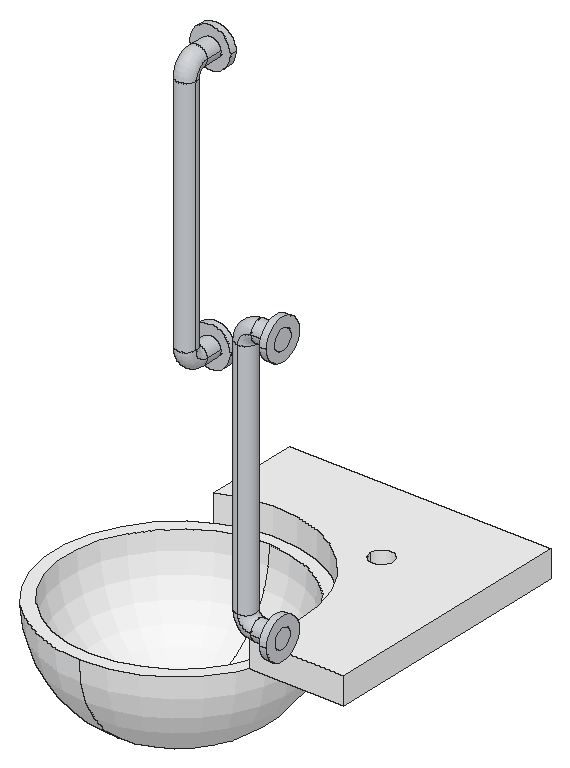
Revit family "LAVATÓRIO CANTO PCD", category Plumbing Fixtures, Revit 2017
Family settings
  Round Connector Dimension = Use Diameter
  Part Type = Normal
  OmniClass Number = 23.40.20.14.17
  OmniClass Title = Residential Tables and Cabinets
  Work Plane-Based = No
  Always vertical = Yes
  Cut with Voids When Loaded = No
  Shared = Yes
  Room Calculation Point = No
Parameters
  Versão família = "01"  # constant formula
  Data Versão Família = "XX/XX/XXXX"  # constant formula
Reference planes (cm)
  plane 1: y = 15.24
  plane 2: z = 0
  plane 3 "Left": x = 0.3734
Forms (cm)
  Extrusion 1, solid, material "BRANCO"
    sketch origin (-24.3766, 15.24, 75.9975) x (0, -1, 0) y (1, 0, 0)
      loop
        line (0, 24.75) -> (0, -14.25) -> (14.094, -14.25)
        arc (14.094, -14.25) -> (17.4679, 6.8606) -> (38.5, 10.6935) r 18.5
        line (38.5, 10.6935) -> (38.5, 24.75) -> (0, 24.75)
      loop
        circle (13.861, 10.6506) r 1.75
    from 0 to 4.0025
  Sweep 2, solid, material "BRANCO"
    path origin (-115.928, 17.49, 75.9975) x (0, 1, 0) y (-1, 0, 0)
      loop
        arc (-52.1228, -85.4323) -> (-32.9919, -104.5632) -> (-13.861, -85.4323) r 19.1309
    profile origin (-11.3648, -15.5019, 75.9975) x (-1, 0, 0) y (0, 0, 1)
      loop
        line (16.957, -16.3937) -> (16.957, -14.3937)
        arc (16.957, -14.3937) -> (6.4717, -10.4364) -> (2.382, -0.002) r 13.7985
        line (2.382, -0.002) -> (0.5633, -0.002)
        arc (0.5633, -0.002) -> (5.3656, -11.5928) -> (16.957, -16.3937) r 16.3937
  Sweep 3, solid, material "BRANCO"
    path origin (54.9366, 17.49, 75.9975) x (0, -1, 0) y (1, 0, 0)
      loop
        arc (52.1228, -85.4323) -> (32.9919, -104.5632) -> (13.861, -85.4323) r 19.1309
    profile origin (-49.6266, -15.5019, 75.9975) x (-1, 0, 0) y (0, 0, 1)
      loop
        arc (-16.957, -16.3937) -> (-5.3656, -11.5928) -> (-0.5633, -0.002) r 16.3937
        line (-0.5633, -0.002) -> (-2.382, -0.002)
        arc (-2.382, -0.002) -> (-6.4717, -10.4364) -> (-16.957, -14.3937) r 13.7985
        line (-16.957, -14.3937) -> (-16.957, -16.3937)
Cuts and joins
  joined: Sweep 2, Sweep 3
Dimensions and locks (cm)
  aligned and locked: plane 2 to level
Nested families (cm)
  nested 1: "BARRA_VERTICAL_LAVAT" at (-49.6266, 15.24, 0), type "50cm"
    with DISTÂNCIA DA PAREDE 5.50 cm, ALTURA DO PISO 90.00 cm, ALTURA 40.00 cm
  nested 2: "BARRA_VERTICAL_LAVAT" at (0.3734, -34.76, 0) x (0, -1, 0) z (0, 0, 1), type "50cm"
    with DISTÂNCIA DA PAREDE 5.50 cm, ALTURA DO PISO 90.00 cm, ALTURA 40.00 cm
Definition of nested family "BARRA_VERTICAL_LAVAT"
  Parameters (values of type "50cm")
    Versão família = "02"  # constant formula
    RAIO = 3.00 cm
    DIÂMETRO = 6.00 cm
    DISTÂNCIA DA PAREDE [instance] = 5.50 cm
    ALTURA DO PISO [instance] = 100.00 cm
    Data Versão Família = "11/05/2018"  # constant formula
    ALTURA [instance] = 50.00 cm
  Reference planes (cm)
    plane 1 "Center (Front/Back)": y = 0
    plane 2: z = 0
    plane 3 "Center (Left/Right)": x = 0
    plane 4: z = 153
    plane 5: z = 147
    plane 6: z = 97
    plane 7: z = 103
    plane 8: z = 150
    plane 9: z = 100
  Forms (cm)
    Extrusion 1, solid
      sketch origin (0, 0, 166) x (1, 0, 0) y (0, 0, 1)
        loop
          circle (0, -16) r 1.5
        loop
          circle (0, -16) r 3
      from 0 to 1
    Sweep 2, solid
      path origin (0, 0, 166) x (0, 1, 0) y (0, 0, 1)
        loop
          line (0, -16) -> (-3.5, -16)
          arc (-3.5, -16) -> (-4.9142, -16.5858) -> (-5.5, -18) r 2
          line (-5.5, -18) -> (-5.5, -64)
          arc (-5.5, -64) -> (-4.9142, -65.4142) -> (-3.5, -66) r 2
          line (-3.5, -66) -> (0, -66)
      profile origin (0, -1.75, 150) x (0, 0, -1) y (1, 0, 0)
        loop
          circle (0, 0) r 1.5
    Extrusion 3, solid
      sketch origin (0, 0, 166) x (1, 0, 0) y (0, 0, 1)
        loop
          circle (0, -66) r 1.5
        loop
          circle (0, -66) r 3
      from 0 to 1
  Lines and regions (cm)
    reference lines
      curve 1: line (1.5, 0, 291.9011) -> (1.5, 0, 81.9)
      curve 2: line (-1.5, 0, 81.9) -> (-1.5, 0, 291.9011)
  Dimensions and locks (cm)
    "ALTURA": plane 8 to plane 9
    "RAIO": plane 4 to plane 8
    "RAIO": plane 8 to plane 5
    "RAIO": plane 7 to plane 9
    "RAIO": plane 9 to plane 6
    "ALTURA DO PISO": level to plane 9
    "DISTÂNCIA DA PAREDE": curve 2 to Sweep 2 sketch curve
    aligned and locked: level to plane 2
  Automatic sketch dimensions
    curve 2 to plane 3 "Center (Left/Right)" = 1.50 cm
    plane 3 "Center (Left/Right)" to curve 1 = 1.50 cm
    plane 6 to curve 1 = 15.10 cm
    curve 2 to curve 1 = 0.00 cm
    plane 4 to curve 2 = 138.9011 cm
    curve 1 to curve 2 = 0.00 cm
    Extrusion 1 sketch curve to Extrusion 1 sketch curve = 0.00 cm  (x2)
    Extrusion 1 sketch curve to plane 3 "Center (Left/Right)" = 0.00 cm
    Extrusion 1 sketch curve to plane 8 = 0.00 cm
    Sweep 2 sketch curve to Sweep 2 sketch curve = 0.00 cm  (x2)
    Sweep 2 sketch curve to profile plane = 0.00 cm
    Sweep 2 sketch curve to plane 3 "Center (Left/Right)" = 0.00 cm
    Sweep 2 sketch curve to plane 3 "Center (Left/Right)" = 1.50 cm
    Extrusion 3 sketch curve to Extrusion 3 sketch curve = 0.00 cm  (x2)
    Extrusion 3 sketch curve to plane 3 "Center (Left/Right)" = 0.00 cm
    Extrusion 3 sketch curve to plane 9 = 0.00 cm
    plane 9 to Sweep 2 sketch curve = 0.00 cm
    Sweep 2 sketch curve to plane 8 = 0.00 cm
    Sweep 2 sketch curve to plane 1 "Center (Front/Back)" = 0.00 cm  (x2)
    Sweep 2 sketch curve to Sweep 2 sketch curve = 2.00 cm
    plane 5 to Sweep 2 sketch curve = 1.00 cm
    radius of Extrusion 1 sketch curve = 1.50 cm
    radius of Extrusion 1 sketch curve = 3.00 cm
    radius of Extrusion 3 sketch curve = 1.50 cm
    radius of Extrusion 3 sketch curve = 3.00 cm
